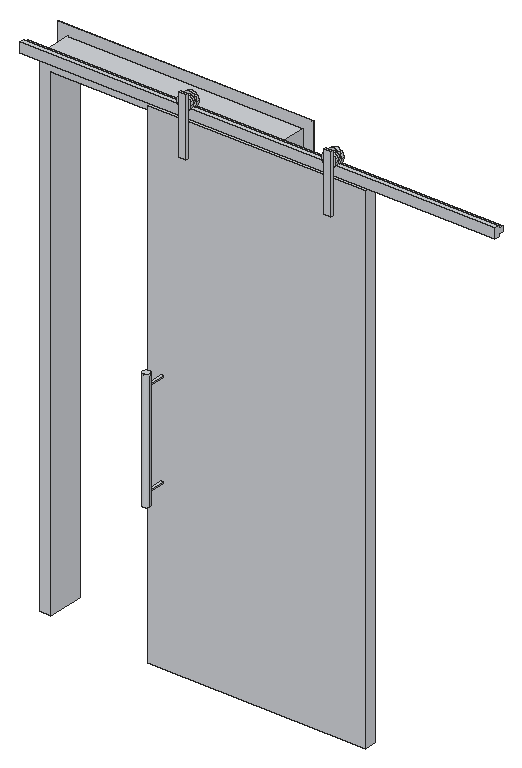
Revit family "Porta de correr com revestimento - 1 Painel com trilho de aço inoxidável", category Portas, Revit 2019
Family settings
  Hospedeiro = Parede
  Número OmniClass = 23.30.10.00
  Título OmniClass = Doors
  Sempre na vertical = Sim
  Corte com vazios quando carregada = Não
  Compartilhado = Não
  Ponto de cálculo do ambiente = Não
Parameters (values of type "920 x 2100mm")
  Visual Light Transmittance = 0
  Largura da apara = 70 mm
  Espessura da apara = 10 mm
  Solar Heat Gain Coefficient = 0
  Comprimento da peça deslizante = Width + Largura do painel + 90 mm  # 2000 mm
  Material da apara = none
  Espessura = 45 mm
  Rough Width = Width  # 990 mm
  Rough Height = Height  # 2100 mm
  Material da peça deslizante = none
  Largura do painel = Width - 70 mm  # 920 mm
  Espessura do painel = Espessura  # 45 mm
  Material do painel = none
  ID do tipo de construção = ""
  Coeficiente de transferência de calor (U) = 3.7021 W/(m²·K)
  Material do puxador = none
  Função = Interior
  Height = 2100 mm
  Fechamento da parede = Por hospedeiro
  Width = 990 mm
  Largura da estrutura = 50 mm
  Material da moldura = none
  Largura estendida = Largura do painel - 190 mm  # 730 mm
  Construção analítica = Metal
Types (5, lengths in mm): name | Comprimento da peça deslizante | Rough Width | Largura do painel | Width | Largura estendida
  (no name) | 2000 | 990 | 920 | 990 | 730
  620 x 2100mm | 1400 | 690 | 620 | 690 | 430
  720 x 2100mm | 1600 | 790 | 720 | 790 | 530
  820 x 2100mm | 1800 | 890 | 820 | 890 | 630
  920 x 2100mm | 2000 | 990 | 920 | 990 | 730
Reference planes
  plane 1 "Centro (Frente/Trás)": y = 0
  plane 2 "Centro (Esquerda/Direita)": x = 0
  plane 3 "Esquerda": x = -495
  plane 4 "Direita": x = 495
  plane 5: z = 2100
  plane 6 "Exterior": y = 75
  plane 7 "Interior": y = -75
  plane 8: z = 0
  plane 9: z = 1050
  plane 10: y = -80
  plane 11: y = -125
  plane 12: x = 920
  plane 13: z = 2150
  plane 14: x = -445
  plane 15: x = 1225
  plane 16: x = -545
  plane 17: x = 1455
  plane 18: x = 140
  plane 19: x = 780
  plane 20: z = 2145
  plane 21: x = 60
  plane 22: z = 900
  plane 23: y = -115
  plane 24: y = -95
  plane 25: x = 460
  plane 26: x = 322.5
  plane 27: x = 597.5
  plane 28: through (322.5, -300, 1050) normal (-0.5, 0, 0.866)
  plane 29: through (322.5, -300, 1050) normal (0.5, 0, 0.866)
Forms (mm)
  Extrusion 1, solid, material <- "Material do painel"
    sketch origin (135, -90, 0) x (1, 0, 0) y (0, 1, 0)
      loop
        line (-135, 10) -> (-135, -35) -> (785, -35) -> (785, 10) -> (-135, 10)
    from 0 to 2100
  Sweep 2, solid, material <- "Material da moldura", detail levels medium+fine
    path origin (0, -75, 0) x (1, 0, 0) y (0, 0, 1)
      loop
        line (-495, 0) -> (-495, 2100) -> (495, 2100) -> (495, 0)
    profile origin (-495, -75, 1050) x (-1, 0, 0) y (0, -1, 0)
      loop
        line (0, -150) -> (0, 0) -> (-50, 0) -> (-50, -150) -> (0, -150)
  Sweep 3, solid, material <- "Material da apara"
    path origin (0, -75, 0) x (1, 0, 0) y (0, 0, 1)
      loop
        line (-545, 2145) -> (1455, 2145)
    profile origin (455, -75, 2145) x (0, 0, 1) y (0, -1, 0)
      loop
        line (0, 40) -> (-40, 40) -> (-40, 30) -> (-40, 20) -> (-30, 20) -> (-30, 0) -> (-10, 0) -> (-10, 20) -> (0, 20) -> (0, 40)
  Sweep 4, solid, material <- "Material da apara", detail levels fine
    path origin (0, 75, 0) x (1, 0, 0) y (0, 0, 1)
      loop
        line (-495, 0) -> (-495, 2100) -> (495, 2100) -> (495, 0)
    profile "Perfil da apara : Perfil da apara" origin (495, 75, 1050) x (1, 0, 0) y (0, -1, 0)
      loop
        line (43, 0) -> (-27, 0) -> (-27, -10) -> (37, -10) -> (43, -4) -> (43, 0)
Lines and regions (mm)
  Opening 1
    outline origin (-3050, -75, 0) x (1, 0, 0) y (0, 0, 1)
      loop
        line (2555, 0) -> (3545, 0) -> (3545, 2100) -> (2555, 2100) -> (2555, 0)
  symbolic lines, style "Giro da elevação"
    curve 1: line (920, 75, 2100) -> (0, 75, 0)
    curve 2: line (0, 75, 2100) -> (920, 75, 0)
  symbolic lines, style "Recortar"
    curve 3: line (0, -95, 2135) -> (0, -95, 2115)
  symbolic lines, style "Recortar", detail levels fine
    curve 4: line (0, -97, 2143) -> (0, -113, 2143)
    curve 5: line (0, -97, 2107) -> (0, -97, 2143)
    curve 6: line (0, -113, 2143) -> (0, -113, 2107)
    curve 7: line (0, -97, 2107) -> (0, -113, 2107)
    curve 8: line (0, -113, 2143) -> (0, -97, 2107.063)
    curve 9: line (0, -113, 2107) -> (0, -97, 2143)
  symbolic lines, style "Seta"
    curve 10: line (322.5, -75, 1050) -> (597.5, -75, 1050)
    curve 11: line (322.5, -75, 1050) -> (400.442, -75, 1095)
    curve 12: line (322.5, -75, 1050) -> (400.442, -75, 1005)
Text (mm)
  text "Externo" at (-2295.016, 1099.543, 0), in view "Nível de referência"
  text "Externo" at (0, 1615.38, 3698.081), in view "Esquerda"
  text "Externo" at (0, 1036.032, 3874.932), in view "Direita"
Dimensions and locks
  equal spacing: plane 3 "Esquerda", plane 2 "Centro (Esquerda/Direita)", plane 4 "Direita"
  "Width": plane 3 "Esquerda" to plane 4 "Direita"
  "Height": plane 5 to host wall
  host wall to plane 5 = 2100 mm  (x2)
  locked: plane 6 "Exterior" to host wall at 0
  locked: plane 7 "Interior" to host wall
  equal spacing: level, plane 9, plane 5
  locked: plane 7 "Interior" to plane 10 at 5
  "Espessura": plane 10 to plane 11
  "Largura do painel": plane 2 "Centro (Esquerda/Direita)" to plane 12
  locked: plane 13 to plane 5 at 50
  "Largura da estrutura": plane 3 "Esquerda" to plane 14
  plane 5 to plane 13 = 50 mm
  "Largura estendida": plane 4 "Direita" to plane 15
  "Comprimento da peça deslizante": plane 16 to plane 17
  locked: plane 16 to plane 3 "Esquerda" at 50
  plane 18 to plane 2 "Centro (Esquerda/Direita)" = 140 mm
  plane 12 to plane 19 = 140 mm
  locked: plane 20 to plane 5 at 45
  locked: plane 8 to plane 22 at 900
  locked: plane 23 to plane 11 at 10
  locked: plane 24 to plane 11 at 30
  equal spacing: plane 12, plane 25, plane 2 "Centro (Esquerda/Direita)"
  locked: plane 27 to plane 26 at 275
  equal spacing: plane 27, plane 25, plane 26
  locked: curve 11 to curve 11 at 90
  locked: curve 12 to curve 12 at 90
  locked: plane 9 to plane 28 (angle 30.00°)
  locked: plane 29 to plane 9 (angle 30.00°)
  aligned and locked: plane 3 "Esquerda" to Opening 1 sketch curve
  aligned and locked: plane 5 to Opening 1 sketch curve  (x2)
  aligned and locked: Opening 1 sketch curve to plane 4 "Direita"
  aligned and locked: Opening 1 sketch curve to level
  aligned and locked: plane 1 "Centro (Frente/Trás)" to host wall
  aligned and locked: level to plane 8
  aligned and locked: Extrusion 1 to plane 5
  aligned and locked: plane 5 to curve 1
  aligned and locked: level to curve 2
  aligned and locked: plane 5 to curve 2
  aligned and locked: level to curve 1
  aligned and locked: Extrusion 1 to plane 11
  aligned and locked: plane 10 to Extrusion 1
  aligned and locked: plane 12 to Extrusion 1
  aligned and locked: Extrusion 1 to plane 2 "Centro (Esquerda/Direita)"
  aligned and locked: Sweep 2 sketch curve to plane 3 "Esquerda"
  aligned and locked: plane 4 "Direita" to Sweep 2 sketch curve
  aligned and locked: Sweep 2 sketch curve to plane 14
  aligned and locked: plane 6 "Exterior" to Sweep 2 sketch curve
  aligned and locked: Sweep 2 sketch curve to plane 7 "Interior"
  aligned and locked: Extrusion 1 to curve 1
  aligned and locked: Extrusion 1 to curve 2
  aligned and locked: plane 16 to Sweep 3 sketch curve
  aligned and locked: plane 17 to Sweep 3 sketch curve
  aligned and locked: nested 1 to plane 18
  aligned and locked: plane 19 to nested 2
  aligned and locked: Sweep 2 sketch curve to plane 5
  aligned and locked: plane 20 to Sweep 3  (x14)
  aligned and locked: plane 20 to nested 1
  aligned and locked: plane 20 to nested 2
  aligned and locked: plane 21 to nested 3
  aligned and locked: plane 11 to nested 3
  aligned and locked: plane 22 to nested 3
  aligned and locked: nested 1 to plane 11  (x2)
  aligned and locked: nested 2 to plane 11
  aligned and locked: nested 1 to Sweep 3  (x2)
  aligned and locked: Sweep 3 to nested 1
  aligned and locked: plane 11 to nested 1
  aligned and locked: plane 23 to Sweep 3 sketch curve
  aligned and locked: Sweep 3 sketch curve to plane 24  (x2)
  aligned and locked: plane 11 to nested 2
  aligned and locked: curve 10 to plane 9
  aligned and locked: plane 27 to curve 10
  aligned and locked: curve 12 to plane 29
  aligned and locked: plane 4 "Direita" to Sweep 4 sketch curve
  aligned and locked: plane 5 to Sweep 4 sketch curve
  aligned and locked: plane 3 "Esquerda" to Sweep 4 sketch curve
Automatic sketch dimensions
  Sweep 2 sketch curve to level = 0 mm  (x2)
  curve 3 to plane 24 = 0 mm
  curve 8 to plane 24 = 2 mm
  plane 23 to curve 8 = 2 mm
  curve 7 to plane 5 = 7 mm
  curve 5 to curve 8 = 0.063 mm
  curve 8 to curve 3 = 7.937 mm
  curve 3 to plane 20 = 10 mm
  curve 5 to plane 20 = 2 mm
  Extrusion 1 sketch curve to plane 2 "Centro (Esquerda/Direita)" = 0 mm
  plane 11 to Extrusion 1 sketch curve = 0 mm
  Extrusion 1 sketch curve to plane 12 = 0 mm
  Extrusion 1 sketch curve to plane 10 = 0 mm
  curve 1 to plane 2 "Centro (Esquerda/Direita)" = 0 mm
  curve 2 to plane 12 = 0 mm
  Sweep 2 sketch curve to profile plane = 0 mm
  Sweep 3 sketch curve to plane 20 = 0 mm
  Sweep 3 sketch curve to plane 7 "Interior" = 0 mm  (x2)
  profile plane to Sweep 3 sketch curve = 0 mm
  profile plane to Sweep 3 sketch curve = 10 mm
  Sweep 3 sketch curve to Sweep 3 sketch curve = 20 mm
  Sweep 3 sketch curve to Sweep 3 sketch curve = 10 mm  (x2)
  plane 28 to curve 11 = 0 mm
  Sweep 4 sketch curve to level = 0 mm  (x2)
Nested families
  nested 1: "Peça deslizante da porta" at (153.971, -95, 2165), type "Peça deslizante da porta", detail levels medium+fine
  nested 2: "Peça deslizante da porta" at (763.971, -95, 2165), type "Peça deslizante da porta", detail levels medium+fine
  nested 3: "Maçaneta da porta 4" at (60, -102.5, 900), type "Altura 500 mm", detail levels fine
Definition of nested family "Peça deslizante da porta"
  Parameters
    Material da peça deslizante = none
    Espessura do painel = 45 mm
  Reference planes
    plane 1 "Centro (Frente/Trás)": y = 0
    plane 2: z = 0
    plane 3 "Centro (Esquerda/Direita)": x = 0
    plane 4: y = 0
    plane 5: y = -10
    plane 6: y = -20
    plane 7: y = -30
    plane 8: z = 30
    plane 9: z = 40
    plane 10: z = -205
    plane 11: y = 10
    plane 12: y = -40
    plane 13: z = -20
  Forms (mm)
    Extrusion 1, solid, material <- "Material da peça deslizante"
      sketch origin (0, 0, 0) x (1, 0, 0) y (0, 0, 1)
        loop
          circle (0, 0) r 30
      from -10 to 0
    Extrusion 2, solid, material <- "Material da peça deslizante"
      sketch origin (0, 0, 0) x (1, 0, 0) y (0, 0, 1)
        loop
          circle (0, 0) r 20
      from 0 to 20
    Extrusion 3, solid, material <- "Material da peça deslizante"
      sketch origin (0, 0, 0) x (1, 0, 0) y (0, 0, 1)
        loop
          line (16.029, 40) -> (-13.971, 40) -> (-13.971, -205) -> (16.029, -205) -> (16.029, 40)
      from 30 to 40
    Extrusion 4, solid, material <- "Material da peça deslizante"
      sketch origin (0, 0, 0) x (1, 0, 0) y (0, 0, 1)
        loop
          circle (0, 0) r 30
      from 20 to 30
  Dimensions and locks
    locked: plane 9 to plane 8 at 10
    locked: plane 9 to plane 10 at 245
    plane 2 to plane 13 = 20 mm
    aligned and locked: level to plane 2
    aligned and locked: plane 4 to Extrusion 1
    aligned and locked: Extrusion 2 to plane 4
    aligned and locked: plane 9 to Extrusion 3
    aligned and locked: Extrusion 3 to plane 10
    aligned and locked: plane 11 to Extrusion 1
    aligned and locked: Extrusion 4 to plane 6
    aligned and locked: plane 7 to Extrusion 4
Definition of nested family "Maçaneta da porta 4"
  Parameters
    Espessura do painel = 45 mm
    Material do puxador = none
    Raio do puxador = 15 mm
    Altura do puxador = 500 mm
    Profundidade do puxador = 80 mm
    Raio do conector = 5 mm
    Altura do conector = Altura do puxador - 100 mm  # 400 mm
    Assembly Code = ""
  Reference planes
    plane 1 "Centro (Frente/Trás)": y = 0
    plane 2: z = 0
    plane 3 "Centro (Esquerda/Direita)": x = 0
    plane 4: z = 250
    plane 5: y = -102.5
    plane 6: z = -250
    plane 7: z = 200
    plane 8: z = -200
    plane 9: y = -22.5
    plane 10: y = 22.5
    plane 11: y = 102.5
  Forms (mm)
    Extrusion 1, solid, material <- "Material do puxador"
      sketch origin (0, -30.569, 0) x (1, 0, 0) y (0, 1, 0)
        loop
          circle (0, -71.931) r 15
      from -250 to 250
    Extrusion 2, solid, material <- "Material do puxador"
      sketch origin (0, 0, 0) x (1, 0, 0) y (0, 0, 1)
        loop
          circle (0, 200) r 5
        loop
          circle (0, -200) r 5
      from 22.5 to 102.5
    Extrusion 3, solid, material <- "Material do puxador"
      sketch origin (0, 0, 0) x (1, 0, 0) y (0, 0, -1)
        loop
          circle (0, -200) r 5
        loop
          circle (0, 200) r 5
      from 22.5 to 102.5
    Extrusion 4, solid, material <- "Material do puxador"
      sketch origin (0, 30.569, 0) x (1, 0, 0) y (0, 1, 0)
        loop
          circle (0, 71.931) r 15
      from -250 to 250
  Dimensions and locks
    equal spacing: plane 4, plane 2, plane 6
    "Altura do puxador": plane 4 to plane 6
    equal spacing: plane 7, plane 2, plane 8
    "Altura do conector": plane 7 to plane 8
    equal spacing: plane 9, plane 1 "Centro (Frente/Trás)", plane 10
    "Profundidade do puxador": plane 9 to plane 5
    "Profundidade do puxador": plane 10 to plane 11
    "Espessura do painel": plane 9 to plane 10
    "Raio do puxador": radius of Extrusion 1 sketch curve
    "Raio do conector": radius of Extrusion 2 sketch curve  (x2)
    "Raio do conector": radius of Extrusion 3 sketch curve  (x2)
    "Raio do puxador": radius of Extrusion 4 sketch curve
    aligned and locked: plane 6 to Extrusion 1
    aligned and locked: plane 4 to Extrusion 1
    aligned: Extrusion 2 to plane 5
    aligned and locked: Extrusion 2 to plane 5  (x2)
    aligned and locked: plane 9 to Extrusion 2
    aligned and locked: plane 5 to Extrusion 1 sketch curve
    aligned and locked: plane 3 "Centro (Esquerda/Direita)" to Extrusion 1 sketch curve
    aligned and locked: Extrusion 2 to plane 9  (x2)
    aligned and locked: plane 10 to Extrusion 3
    aligned and locked: Extrusion 3 to plane 11
    aligned and locked: plane 11 to Extrusion 4 sketch curve
    aligned and locked: plane 3 "Centro (Esquerda/Direita)" to Extrusion 4 sketch curve
    aligned and locked: plane 4 to Extrusion 4
    aligned and locked: plane 6 to Extrusion 4
  Automatic sketch dimensions
    Extrusion 2 sketch curve to plane 3 "Centro (Esquerda/Direita)" = 0 mm  (x2)
    Extrusion 2 sketch curve to plane 8 = 0 mm
    Extrusion 2 sketch curve to plane 7 = 0 mm
    Extrusion 3 sketch curve to plane 3 "Centro (Esquerda/Direita)" = 0 mm  (x2)
    Extrusion 3 sketch curve to plane 7 = 0 mm
    Extrusion 3 sketch curve to plane 8 = 0 mm
